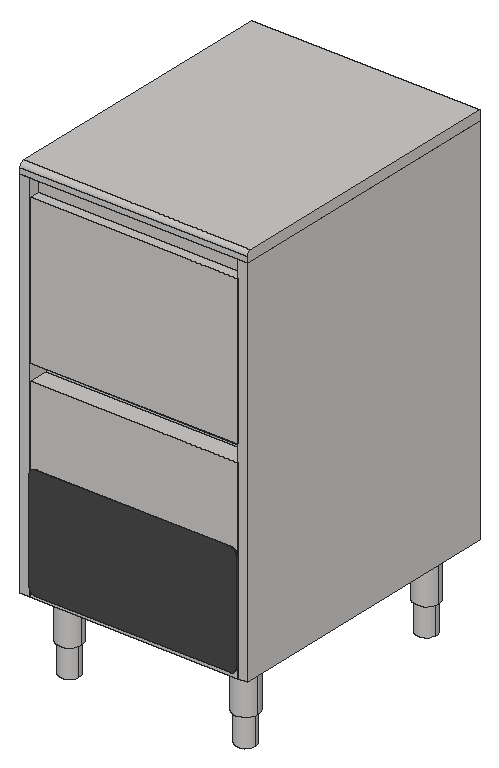
Revit family "QF_ZANUSSI_730303_ICB47I20SNP", category Attrezzature speciali, Revit 2018
Family settings
  Quota connettore circolare = Usa diametro
  Tipo di parte = Normale
  Basato su piano di lavoro = No
  Sempre verticale = Sì
  Taglio con vuoti quando caricato = No
  Condiviso = No
  Punto di calcolo locali = No
Parameters (values of type "Standard")
  Weight = 45.00 kg
  Watts = 1000 W
  Volts = 220 V
  URL Manufacturer = "http://www.zanussiprofessional.com"
  URL = "http://www.zanussiprofessional.com"
  Steam Supply Size = 0 mm
  Steam Supply Minimum Pressure = 0.0 Pa
  Steam Supply Maximum Pressure = 0.0 Pa
  Steam Pounds per Hour = 0
  Show Logo [instance] = yes
  Show Clearance [instance] = yes
  Refrigeration Suction Line Size = 0 mm
  Refrigeration Liquid Line Size = 0 mm
  Refrigerant Compressor Remote = yes
  Produttore = "Zanussi"
  Phase = 1
  Modello = "ICB47I20SNP"
  Length Actual = 465 mm  # constant formula
  Item Number = "730303"
  Hot Water Size = 0 mm
  Height Actual = 894 mm  # constant formula
  HP = "1.3 HP"
  Gas Size = 0 mm
  Gas KW = 0
  Gas Input Pressure = 0 W
  Descrizione = "AIR COOLED ICE CUBER 22GR 47KG/24H-BIN 20KG"
  Depth Actual = 595 mm  # constant formula
  Cycle = 50 Hz
  Condensate Return Size = 0 mm
  Compressed Air Volume = 0.0 L/s
  Compressed Air Size = 0 mm
  Compressed Air Pressure = 0.0 Pa
  Cold Water Size = 19.05 mm
  Accessory = yes
Reference planes
  plane 1 "Center X": y = 272.851
  plane 2: z = 0
  plane 3 "Center Y": x = -501.5
  plane 4 "LEFT": x = -734
  plane 5 "RIGHT": x = -269
  plane 6 "FRONT": y = -24.149
  plane 7 "BACK": y = 569.851
  plane 8: z = 155
  plane 9: z = 944
  plane 10: z = 924
  plane 11: x = -714
  plane 12: x = -289
  plane 13: y = 15.851
Forms (mm)
  Extrusion 1, solid, material "QF_Finishes_Black"
    sketch origin (-217.296, -24.149, 371.513) x (-1, 0, 0) y (0, 0, -1)
      loop
        arc (481.704, -21.487) -> (492.311, -17.093) -> (496.704, -6.487) r 15
        line (496.704, -6.487) -> (496.704, 194.469)
        arc (496.704, 194.469) -> (492.311, 205.075) -> (481.704, 209.469) r 15
        line (481.704, 209.469) -> (86.704, 209.469)
        arc (86.704, 209.469) -> (76.097, 205.075) -> (71.704, 194.469) r 15
        line (71.704, 194.469) -> (71.704, -6.487)
        arc (71.704, -6.487) -> (76.097, -17.093) -> (86.704, -21.487) r 15
        line (86.704, -21.487) -> (481.704, -21.487)
    from 0 to 2
  Extrusion 2, solid, material "QF_Finishes_Stainless Steel"
    sketch origin (-501.5, 0, 0) x (0, 1, 0) y (0, 0, 1)
      loop
        line (569.851, 924) -> (569.851, 944) -> (-14.149, 944)
        arc (-14.149, 944) -> (-21.22, 941.071) -> (-24.149, 934) r 10
        line (-24.149, 934) -> (-24.149, 924) -> (569.851, 924)
    from -232.5 to 232.5
  Extrusion 3, solid, material "QF_Finishes_Stainless Steel"
    sketch origin (-321.2, 569.851, -329.545) x (1, 0, 0) y (0, 0, -1)
      loop
        circle (-16.8, -655.545) r 10
    from 0 to 10
  Extrusion 4, solid, material "QF_Finishes_Stainless Steel"
    sketch origin (0, 0, 0) x (1, 0, 0) y (0, 1, 0)
      loop
        line (-734, 569.851) -> (-734, -24.149) -> (-714, -24.149) -> (-714, 569.851) -> (-734, 569.851)
    from 155 to 924
  Extrusion 5, solid, material "QF_Finishes_Stainless Steel"
    sketch origin (0, 0, 0) x (1, 0, 0) y (0, 1, 0)
      loop
        line (-289, 569.851) -> (-289, -24.149) -> (-269, -24.149) -> (-269, 569.851) -> (-289, 569.851)
    from 155 to 924
  Extrusion 6, solid, material "QF_Finishes_Stainless Steel"
    sketch origin (0, 0, 0) x (1, 0, 0) y (0, 1, 0)
      loop
        line (-714, 569.851) -> (-714, 15.851) -> (-289, 15.851) -> (-289, 569.851) -> (-714, 569.851)
    from 155 to 924
  Extrusion 7, solid, material "QF_Finishes_Stainless Steel"
    sketch origin (0, 0, 0) x (1, 0, 0) y (0, 1, 0)
      loop
        line (-714, -24.149) -> (-289, -24.149) -> (-289, 15.851) -> (-714, 15.851) -> (-714, -24.149)
    from 155 to 550.848
  Extrusion 8, solid, material "QF_Finishes_Stainless Steel"
    sketch origin (-501.5, 0, 0) x (0, 1, 0) y (0, 0, 1)
      loop
        line (15.851, 924) -> (-4.149, 924) -> (-4.149, 888) -> (-24.149, 888) -> (-24.149, 584.768) -> (-4.149, 584.768) -> (-4.149, 569) -> (15.851, 569) -> (15.851, 924)
    from -212.5 to 212.5
  Extrusion 9, solid, material "QF_Finishes_Stainless Steel"
    sketch origin (-303.2, 569.851, -440.545) x (1, 0, 0) y (0, 0, -1)
      loop
        circle (-16.8, -655.545) r 10
    from 0 to 10
  Extrusion 10, solid, material "QF_Finishes_Stainless Steel"
    sketch origin (-363.2, 569.851, -361.545) x (1, 0, 0) y (0, 0, -1)
      loop
        circle (-16.8, -655.545) r 10
    from 0 to 10
Lines and regions (mm)
  Split face 1
    outline origin (-501.5, -4.149, 924) x (0, 0, -1) y (1, 0, 0)
      loop
        line (5.715, 89.928) -> (30.715, 89.928) -> (30.715, 129.928) -> (5.715, 129.928) -> (5.715, 89.928)
  symbolic lines
    curve 1: line (-734, 569.851, 0) -> (-269, 569.851, 0)
    curve 2: line (-734, -24.149, 0) -> (-734, 569.851, 0)
    curve 3: line (-269, -24.149, 0) -> (-734, -24.149, 0)
    curve 4: line (-269, 569.851, 0) -> (-269, -24.149, 0)
Dimensions and locks
  equal spacing: plane 4 "LEFT", plane 3 "Center Y", plane 5 "RIGHT"
  plane 4 "LEFT" to plane 5 "RIGHT" = 465 mm
  equal spacing: plane 7 "BACK", plane 1 "Center X", plane 6 "FRONT"
  plane 7 "BACK" to plane 6 "FRONT" = 594 mm
  plane 8 to plane 2 = 155 mm
  plane 9 to plane 8 = 789 mm
  locked: plane 4 "LEFT" to plane 11 at 20
  locked: plane 12 to plane 5 "RIGHT" at 20
  locked: plane 9 to plane 10 at 20
  locked: plane 13 to plane 6 "FRONT" at 40
  aligned and locked: level to plane 2
  aligned and locked: plane 5 "RIGHT" to Extrusion 2
  aligned and locked: Extrusion 2 to plane 4 "LEFT"
  aligned and locked: Extrusion 4 sketch curve to Extrusion 2  (x2)
  aligned and locked: plane 6 "FRONT" to Extrusion 4 sketch curve
  aligned and locked: Extrusion 4 sketch curve to plane 11
  aligned and locked: Extrusion 5 sketch curve to plane 7 "BACK"
  aligned and locked: plane 12 to Extrusion 5 sketch curve
  aligned and locked: Extrusion 5 sketch curve to Extrusion 2  (x2)
  aligned and locked: plane 10 to Extrusion 4
  aligned and locked: plane 10 to Extrusion 5
  aligned and locked: Extrusion 4 to plane 8
  aligned and locked: Extrusion 5 to plane 8
  aligned and locked: Extrusion 6 sketch curve to Extrusion 4
  aligned and locked: Extrusion 4 to Extrusion 6 sketch curve
  aligned and locked: plane 13 to Extrusion 6 sketch curve
  aligned and locked: Extrusion 6 sketch curve to plane 12
  aligned and locked: plane 10 to Extrusion 6
  aligned and locked: Extrusion 6 to plane 8
  aligned and locked: Extrusion 4 to Extrusion 7 sketch curve
  aligned and locked: Extrusion 7 sketch curve to Extrusion 4
  aligned and locked: plane 13 to Extrusion 7 sketch curve
  aligned and locked: plane 12 to Extrusion 7 sketch curve
  aligned and locked: Extrusion 7 to plane 8
  aligned and locked: plane 12 to Extrusion 8
  aligned and locked: Extrusion 8 to plane 11
Automatic sketch dimensions
  curve 3 to plane 4 "LEFT" = 0 mm
  curve 3 to plane 5 "RIGHT" = 0 mm
  curve 3 to plane 6 "FRONT" = 0 mm
  curve 2 to plane 7 "BACK" = 0 mm
  Extrusion 1 sketch curve to plane 12 = 0 mm
  plane 8 to Extrusion 1 sketch curve = 7.044 mm
  Extrusion 1 sketch curve to Extrusion 1 sketch curve = 15 mm  (x3)
  plane 11 to Extrusion 1 sketch curve = 15 mm  (x2)
  Extrusion 1 sketch curve to Extrusion 1 sketch curve = 200.956 mm
  Extrusion 2 sketch curve to plane 6 "FRONT" = 0 mm
  Extrusion 2 sketch curve to plane 9 = 0 mm
  Extrusion 2 sketch curve to plane 7 "BACK" = 0 mm
  Extrusion 2 sketch curve to plane 10 = 0 mm
  plane 6 "FRONT" to Extrusion 2 sketch curve = 10 mm
  Extrusion 6 to Extrusion 3 sketch curve = 171 mm
  Extrusion 3 sketch curve to Extrusion 6 = 49 mm
  Extrusion 8 sketch curve to plane 6 "FRONT" = 0 mm
  Extrusion 8 sketch curve to plane 10 = 0 mm
  Extrusion 8 sketch curve to plane 13 = 0 mm
  plane 6 "FRONT" to Extrusion 8 sketch curve = 20 mm  (x2)
  Extrusion 8 sketch curve to plane 10 = 36 mm
  Extrusion 8 sketch curve to Extrusion 8 sketch curve = 303.232 mm
  Extrusion 8 sketch curve to Extrusion 8 sketch curve = 15.768 mm
  Split face 1 sketch curve to Extrusion 8 = 5.715 mm
  Extrusion 8 to Split face 1 sketch curve = 5.285 mm
  Split face 1 sketch curve to Extrusion 8 = 122.572 mm
  Split face 1 sketch curve to Split face 1 sketch curve = 40 mm
  Extrusion 9 sketch curve to Extrusion 6 = 31 mm
  Extrusion 6 to Extrusion 9 sketch curve = 60 mm
  Extrusion 10 sketch curve to Extrusion 6 = 91 mm
  Extrusion 6 to Extrusion 10 sketch curve = 139 mm
  radius of Extrusion 3 sketch curve = 10 mm
  radius of Extrusion 9 sketch curve = 10 mm
  radius of Extrusion 10 sketch curve = 10 mm
Nested families
  nested 1: "Foot_Complete" at (-682, 36.851, 0), type "Foot_Complete"
    with H 155 mm
  nested 2: "Foot_Complete" at (-321, 36.851, 0) x (-1, 0, 0) z (0, 0, 1), type "Foot_Complete"
    with H 155 mm
  nested 3: "Foot_Complete" at (-682, 498.851, 0), type "Foot_Complete"
    with H 155 mm
  nested 4: "Foot_Complete" at (-321, 498.851, 0) x (-1, 0, 0) z (0, 0, 1), type "Foot_Complete"
    with H 155 mm
Connectors
  electrical at (-320, 579.851, 215), driven by "Volts"
    settings: on Extrusion 9, index 1, voltage 220 V, apparent load 0 VA, apparent load phase1 0 VA, apparent load phase2 0 VA, apparent load phase3 0 VA, power factor 1, load classification "Altro", number of poles 1, system type 30, power factor state 1, is connector primary yes, connector utility no, sub classification motor no, connector description "Electrical Connection"
  piping at (-338, 579.851, 326), diameter 20
    settings: on Extrusion 3, index 2, connector inside diameter 609.6 mm, connector length 0 mm, flow factor 0, pipe flow 0.0 L/s, pressure drop 0.0 Pa, fitting loss kfactor 0, connector angle 0.00°, fixture units 0, engagement length 0 mm, angle of deflection 0.00°, flow configuration 0, flow direction 0, fitting loss method 0, system type 20, joint type 0, gender type 0, connector reference index -1, connector utility 0, adjustable connector no, is connector primary yes, connector description "Cold water"
  piping at (-380, 579.851, 294), diameter 20
    settings: on Extrusion 10, index 3, connector inside diameter 609.6 mm, connector length 0 mm, flow factor 0, pipe flow 0.0 L/s, pressure drop 0.0 Pa, fitting loss kfactor 0, connector angle 0.00°, fixture units 0, engagement length 0 mm, angle of deflection 0.00°, flow configuration 0, flow direction 0, fitting loss method 0, system type 16, joint type 0, gender type 0, connector reference index -1, connector utility 0, adjustable connector no, is connector primary no, connector description "Drain"
Definition of nested family "Foot_Complete"
  Parameters (values of type "Foot_Complete")
    R = 25 mm
    H = 153 mm
  Reference planes
    plane 1 "Centro (Fronte/Retro)": y = 0
    plane 2: z = 0
    plane 3 "Centro (Sinistra/Destra)": x = 0
    plane 4: z = 153
  Forms (mm)
    Revolve 1, solid
      sketch origin (255.05, 0, 608.09) x (0, 0, 1) y (-1, 0, 0)
        loop
          line (-608.09, 255.05) -> (-608.09, 235.05) -> (-548.09, 235.05) -> (-548.09, 230.05) -> (-455.09, 230.05) -> (-455.09, 255.05) -> (-608.09, 255.05)
        axis (-608.09, 255.05) -> (-455.09, 255.05)
      angle from 0 to 360
  Dimensions and locks
    level to Revolve 1 sketch curve = 60 mm
    "R": Revolve 1 sketch curve to plane 3 "Centro (Sinistra/Destra)"
    "H": plane 4 to level
    aligned and locked: level to plane 2
    aligned and locked: plane 4 to Revolve 1 sketch curve
    aligned and locked: Revolve 1 sketch curve to level
    aligned and locked: plane 3 "Centro (Sinistra/Destra)" to Revolve 1 sketch curve
  Automatic sketch dimensions
    Revolve 1 sketch curve to plane 3 "Centro (Sinistra/Destra)" = 0 mm
    plane 3 "Centro (Sinistra/Destra)" to Revolve 1 sketch curve = 20 mm
    Revolve 1 sketch curve to Revolve 1 sketch curve = 50 mm
    Revolve 1 sketch curve to Revolve 1 sketch curve = 20 mm
